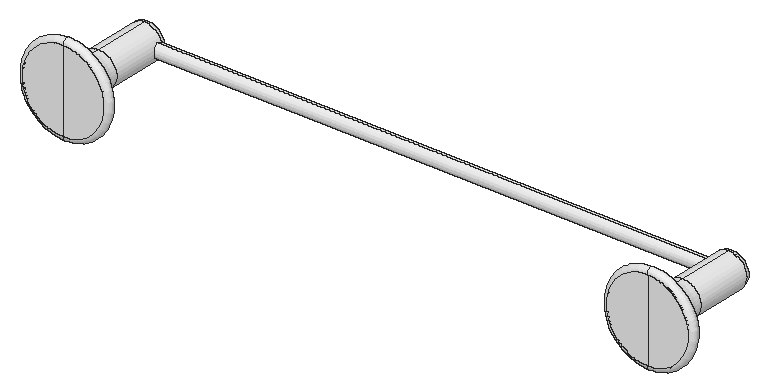
Revit family "546950001_Toallero Barra Nilo", category Plumbing Fixtures, host Wall, Revit 2019
Family settings
  Host = Wall
  Round Connector Dimension = Use Diameter
  Part Type = Normal
  OmniClass Number = 23.19.25.13.21.17
  OmniClass Title = Fittings
  Always vertical = Yes
  Cut with Voids When Loaded = No
  Shared = No
  Room Calculation Point = No
Parameters (values of type "Nilo")
  URL = "https://www.grival.com/griferias-y-accesorios/accesorios-para-bano/kit-accesorios-para-bano/kit-accesorios-x6-nilo/"
  Resistencia a cargas o peso máximo = "9 kg. (19,8 lb.)."  # constant formula
  Peso Neto aprox = "471 gr. 1,038 lb."  # constant formula
  Peso Bruto aprox = "602 gr. 1,33 lb."  # constant formula
  Material = Corona_Cromado
  Manufacturer = "Corona"  # constant formula
  Longitud = 82 mm
  Garantía Acabados = "2 Años (Cromado)"  # constant formula
  Garantía = "5 Años (Grival)"  # constant formula
  Fecha de creación = "13/08/2020"  # constant formula
  Description = "• Los accesorios de baño Nilo, diseño robusto y funcional.\r\n• Acabado superior, mayor espesor en el cromado que lo hace más\r\nbrillante y resistente a la corrosión.\r\n• Fácil limpieza: Diseño que evita la acumulación de impurezas.\r\n• Resistencia a cargas o peso máximo de 9 kg. (19,8 lb.).\r\n• El toallero barra tiene una resistencia de 23 Kg. (50.7 lb)."  # constant formula
  Creado por = "IDD"  # constant formula
  Ancho = 502.9 mm
  Alto = 600 mm
  Acabado = Corona_Plastico_Blanco
Reference planes
  plane 1: y = 0
  plane 2 "Center (Left/Right)": x = 125
  plane 3 "Back": y = 75
  plane 4 "2": x = -126.45
  plane 5 "3": x = 376.45
  plane 6: z = 600
  plane 7: y = 157
Forms (mm)
  Extrusion 1, solid, material "Corona_Cromado" <- "Material", detail levels coarse
    sketch origin (0, 75, 0) x (1, 0, 0) y (0, 0, 1)
      loop
        line (376.45, 569) -> (376.45, 638.503) -> (-126.45, 638.503) -> (-126.45, 569) -> (376.45, 569)
    from -82 to 0
  Revolve 2, solid, material "Corona_Cromado" <- "Material", detail levels medium+fine
    sketch origin (345.45, 0, 0) x (0, 1, 0) y (0, 0, 1)
      loop
        line (75, 600) -> (157, 600) -> (157, 608.129)
        arc (157, 608.129) -> (155.536, 611.665) -> (152, 613.129) r 5
        line (152, 613.129) -> (108.705, 613.129)
        arc (108.705, 613.129) -> (92.944, 618.338) -> (82.211, 631) r 30.648
        arc (82.211, 631) -> (78.605, 634.605) -> (75, 631) r 3.605
        line (75, 631) -> (75, 600)
      axis (75, 600) -> (157, 600)
    angle from 0 to 360
  Revolve 3, solid, material "Corona_Cromado" <- "Material", detail levels medium+fine
    sketch origin (-95.45, 0, 0) x (0, 1, 0) y (0, 0, -1)
      loop
        line (75, -600) -> (75, -631)
        arc (75, -631) -> (78.605, -634.605) -> (82.211, -631) r 3.605
        arc (82.211, -631) -> (92.944, -618.338) -> (108.705, -613.129) r 30.648
        line (108.705, -613.129) -> (152, -613.129)
        arc (152, -613.129) -> (155.536, -611.665) -> (157, -608.129) r 5
        line (157, -608.129) -> (157, -600) -> (75, -600)
      axis (75, -600) -> (157, -600)
    angle from 0 to 360
  Revolve 4, solid, material "Corona_Cromado" <- "Material", detail levels medium+fine
    sketch origin (0, 148.535, 0) x (1, 0, 0) y (0, 0, 1)
      loop
        line (332.321, 600) -> (332.321, 605) -> (-83.31, 605) -> (-83.31, 600) -> (332.321, 600)
      axis (332.321, 600) -> (-83.31, 600)
    angle from 0 to 360
Text (mm)
  text "Placement side" at (-1787.139, 592.35, 0), in view "Ref. Level"
  text "Placement side" at (0, 1827.695, 2917.686), in view "Left"
  text "Placement side" at (0, 562.268, 3853.606), in view "Right"
Dimensions and locks
  locked: plane 3 "Back" to host wall at 0
  equal spacing: plane 5 "3", plane 2 "Center (Left/Right)", plane 4 "2"
  "Ancho": plane 5 "3" to plane 4 "2"
  "Alto": level to plane 6
  "Longitud": plane 7 to plane 3 "Back"
  aligned and locked: plane 1 to host wall
  aligned and locked: Extrusion 1 to plane 7
  aligned and locked: Extrusion 1 to host wall
Automatic sketch dimensions
  Extrusion 1 sketch curve to plane 4 "2" = 0 mm
  Extrusion 1 sketch curve to plane 5 "3" = 0 mm
  Extrusion 1 sketch curve to plane 6 = 31 mm
  plane 6 to Extrusion 1 sketch curve = 38.503 mm
  Revolve 2 sketch curve to host wall = 0 mm  (x2)
  Revolve 2 sketch curve to plane 6 = 0 mm  (x2)
  Revolve 2 sketch curve to plane 7 = 0 mm
  Revolve 2 sketch curve to Revolve 2 sketch curve = 3.605 mm
  plane 6 to Revolve 2 sketch curve = 13.129 mm
  Revolve 2 sketch curve to Revolve 2 sketch curve = 26.494 mm
  Revolve 2 sketch curve to Revolve 2 sketch curve = 27.872 mm
  plane 7 to Revolve 2 sketch curve = 5 mm
  plane 6 to Revolve 2 sketch curve = 31 mm
  Revolve 2 sketch curve to Revolve 2 sketch curve = 2.642 mm
  Revolve 3 sketch curve to host wall = 0 mm  (x2)
  Revolve 3 sketch curve to plane 6 = 0 mm  (x2)
  Revolve 3 sketch curve to plane 7 = 0 mm
  Revolve 3 sketch curve to Revolve 3 sketch curve = 3.605 mm
  plane 6 to Revolve 3 sketch curve = 13.129 mm
  Revolve 3 sketch curve to Revolve 3 sketch curve = 26.494 mm
  Revolve 3 sketch curve to Revolve 3 sketch curve = 27.872 mm
  plane 7 to Revolve 3 sketch curve = 5 mm
  plane 6 to Revolve 3 sketch curve = 31 mm
  Revolve 3 sketch curve to Revolve 3 sketch curve = 2.642 mm
  Revolve 4 sketch curve to plane 6 = 0 mm  (x2)
  plane 4 "2" to Revolve 4 sketch curve = 43.14 mm
  Revolve 4 sketch curve to plane 5 "3" = 44.129 mm
  plane 6 to Revolve 4 sketch curve = 5 mm
  Revolve 4 sketch curve to plane 2 "Center (Left/Right)" = 5 mm
  plane 2 "Center (Left/Right)" to Revolve 4 sketch curve = 5 mm
Nested families
  nested 1: "front" at (125, 75, 600) x (1, 0, 0) z (0, -1, 0), type "front"
  nested 2: "right" at (125, 75, 600) x (0, -1, 0) z (1, 0, 0), type "right"
Definition of nested family "front"
  Parameters (values of type "front")
    Ancho = 502.9 mm
  Reference planes
    plane 1 "Center (Front/Back)": y = 0
    plane 2: z = 0
    plane 3 "Center (Left/Right)": x = 0
    plane 4 "Center (F/C": x = 251.45
    plane 5 "Center (F/D": x = -251.45
  Lines and regions (mm)
    detail lines, in view "Ref. Level"
      curve 1: arc (-189.079, -6.568, 0) -> (-250.375, 0, 0) -> (-189.079, 6.568, 0) r 31
      curve 2: circle (-219.375, 0, 0) r 12.526 normal (0, 0, -1)
      curve 3: arc (-224.244, 26.525, 0) -> (-219.849, 22.13, 0) -> (-215.454, 26.525, 0) r 4.395
      curve 4: circle (-219.849, 25.099, 0) r 1.669 normal (0, 0, 1)
      curve 5: arc (-224.244, -26.525, 0) -> (-219.849, -22.13, 0) -> (-215.454, -26.525, 0) r 4.395
      curve 6: circle (-219.849, -25.099, 0) r 1.669 normal (0, 0, -1)
      curve 7: arc (189.079, -6.568, 0) -> (250.375, 0, 0) -> (189.079, 6.568, 0) r 31
      curve 8: circle (219.375, 0, 0) r 12.526 normal (0, 0, 1)
      curve 9: arc (224.244, 26.525, 0) -> (219.849, 22.13, 0) -> (215.454, 26.525, 0) r 4.395
      curve 10: circle (219.849, 25.099, 0) r 1.669 normal (0, 0, -1)
      curve 11: arc (224.244, -26.525, 0) -> (219.849, -22.13, 0) -> (215.454, -26.525, 0) r 4.395
      curve 12: circle (219.849, -25.099, 0) r 1.669 normal (0, 0, 1)
      curve 13: line (-208.709, 6.568, 0) -> (208.709, 6.568, 0)
      curve 14: line (-208.709, -6.568, 0) -> (208.709, -6.568, 0)
  Dimensions and locks
    equal spacing: plane 5 "Center (F/D", plane 3 "Center (Left/Right)", plane 4 "Center (F/C"
    "Ancho": plane 5 "Center (F/D" to plane 4 "Center (F/C"
  Automatic sketch dimensions
    curve 1 to curve 2 = 0 mm  (x2)
    curve 7 to curve 8 = 0 mm  (x2)
    plane 1 "Center (Front/Back)" to curve 2 = 0 mm
    plane 1 "Center (Front/Back)" to curve 7 = 0 mm
    plane 5 "Center (F/D" to curve 3 = 31.601 mm
    plane 5 "Center (F/D" to curve 6 = 31.601 mm
    curve 4 to curve 3 = 0 mm
    curve 5 to curve 6 = 0 mm
    curve 4 to curve 2 = 0.474 mm
    curve 7 to plane 4 "Center (F/C" = 32.075 mm
    curve 7 to curve 12 = 0.474 mm
    curve 11 to curve 12 = 0 mm
    curve 7 to curve 10 = 0.474 mm
    curve 9 to curve 10 = 0 mm
    plane 1 "Center (Front/Back)" to curve 12 = 25.099 mm
    plane 1 "Center (Front/Back)" to curve 6 = 25.099 mm
    curve 5 to curve 6 = 1.427 mm
    curve 11 to curve 12 = 1.427 mm
    curve 4 to plane 1 "Center (Front/Back)" = 25.099 mm
    curve 10 to plane 1 "Center (Front/Back)" = 25.099 mm
    curve 4 to curve 3 = 1.427 mm
    curve 10 to curve 9 = 1.427 mm
    curve 5 to curve 5 = 4.395 mm
    curve 3 to curve 3 = 4.395 mm
    curve 1 to curve 13 = 10.666 mm
    curve 14 to curve 7 = 10.666 mm
    curve 11 to curve 11 = 4.395 mm
    curve 9 to curve 9 = 4.395 mm
    plane 1 "Center (Front/Back)" to curve 7 = 6.568 mm
    curve 7 to curve 7 = 0 mm
    curve 7 to curve 13 = 19.63 mm
    radius of curve 1 = 31 mm
    radius of curve 4 = 1.669 mm
    radius of curve 6 = 1.669 mm
    radius of curve 10 = 1.669 mm
    radius of curve 12 = 1.669 mm
Definition of nested family "right"
  Parameters (values of type "right")
    Ancho = 82 mm
  Reference planes
    plane 1 "Center (Front/Back)": y = 0
    plane 2: z = 0
    plane 3 "Center (Left/Right)": x = 0
    plane 4 "Center (F/D": x = -82
  Lines and regions (mm)
    detail lines, in view "Ref. Level"
      curve 1: line (0, 0, 0) -> (0, 32.614, 0)
      curve 2: arc (0, 32.614, 0) -> (-3.078, 35.692, 0) -> (-6.157, 32.614, 0) r 3.078
      curve 3: arc (-6.157, 32.614, 0) -> (-16.829, 18.948, 0) -> (-33.32, 13.594, 0) r 29.629
      curve 4: line (-33.32, 13.594, 0) -> (-77, 13.594, 0)
      curve 5: line (-7.485, 29.647, 0) -> (-7.485, -29.647, 0)
      curve 6: line (-5.253, 34.793, 0) -> (-5.253, -34.793, 0)
      curve 7: line (0, 0, 0) -> (0, -32.614, 0)
      curve 8: arc (0, -32.614, 0) -> (-3.078, -35.692, 0) -> (-6.157, -32.614, 0) r 3.078
      curve 9: arc (-6.157, -32.614, 0) -> (-16.829, -18.948, 0) -> (-33.32, -13.594, 0) r 29.629
      curve 10: line (-33.32, -13.594, 0) -> (-77, -13.594, 0)
      curve 11: line (-82, 8.594, 0) -> (-82, -8.594, 0)
      curve 12: arc (-77, 13.594, 0) -> (-80.536, 12.129, 0) -> (-82, 8.594, 0) r 5
      curve 13: arc (-77, -13.594, 0) -> (-80.536, -12.129, 0) -> (-82, -8.594, 0) r 5
  Dimensions and locks
    "Ancho": plane 4 "Center (F/D" to plane 3 "Center (Left/Right)"
  Automatic sketch dimensions
    curve 13 to plane 4 "Center (F/D" = 0 mm
    curve 7 to plane 3 "Center (Left/Right)" = 0 mm
    plane 1 "Center (Front/Back)" to curve 7 = 0 mm
    plane 4 "Center (F/D" to curve 12 = 5 mm
    plane 1 "Center (Front/Back)" to curve 13 = 8.594 mm
    curve 13 to curve 13 = 5 mm
    curve 9 to plane 3 "Center (Left/Right)" = 33.823 mm
    curve 3 to plane 3 "Center (Left/Right)" = 33.823 mm
    curve 4 to plane 1 "Center (Front/Back)" = 13.594 mm
    curve 3 to curve 4 = 0.503 mm
    curve 10 to curve 3 = 0 mm
    curve 2 to curve 2 = 3.078 mm
    curve 8 to plane 3 "Center (Left/Right)" = 3.078 mm
    curve 7 to curve 1 = 32.614 mm
    curve 1 to curve 1 = 32.614 mm
    curve 5 to curve 8 = 1.328 mm
    curve 3 to curve 6 = 0.904 mm
